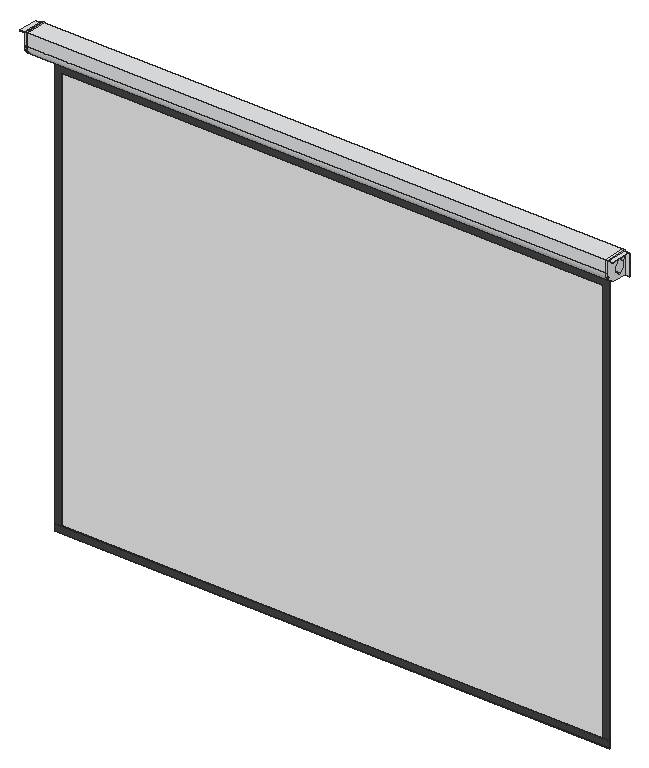
Revit family "Projection_Screen-Draper_Inc-Targa_XL", category Specialty Equipment, Revit 2026
Family settings
  Round Connector Dimension = Use Diameter
  Part Type = Normal
  Classification Number = 23.85.10.14.31
  Work Plane-Based = No
  Enable Cutting in Views = No
  Always vertical = Yes
  Cut with Voids When Loaded = No
  Maintain Annotation Orientation = No
  Shared = No
  Room Calculation Point = No
Parameters (values of type "NOT A TYPE - LOAD TYPE CATALOG")
  Width = 0' - 4 3/4"  # constant formula
  Voltage = 110 V
  Version = "2016 - v1.0.a"  # constant formula
  URL = "http://www.DraperInc.com"
  Screen Drop = 10' - 11"
  Screen = 14' - 4"
  Raised [instance] = not(Lowered)  # no
  Projection Screen Material = Fabric - Draper - CH1900E - Pearl White
  Product Page URL = "https://www.draperinc.com/projectionscreens/productdetail/285/targa"
  Product Name = "Targa XL Electric Projection Screen"  # constant formula
  Product Documentation Link = "https://www.draperinc.com/DocumentDownload.aspx?path=ProjectionScreens\\Submittals&file=Targa_In_Sub.pdf"
  Overall Size = "131\" x 172\""
  Number of Poles = 1
  Model = "Targa XL"  # constant formula
  Material = ""
  Manufacturer Contact = "1-800-238-7999"  # constant formula
  Manufacturer = "Draper Inc."  # constant formula
  Lowered [instance] = yes
  Length = 15' - 0 7/8"
  Image Length = 14' - 0"
  Image Height = 10' - 6"
  Image Area = "126\" x 168\""
  Image Length Constraint = if(Image Height = Screen Drop, Image Length - 0' 0 1/4", Image Length)  # 14' - 0"
  Image Height Constraint = if(Image Height = Screen Drop, Image Height - 0' 0 1/4", Image Height)  # 10' - 6"
  Frequency = 60 Hz
  Description = "Projection Screen"  # constant formula
  Depth = 0' - 6 3/4"  # constant formula
  Default Elevation = 0' - 0"
  Case Material = Paint - Draper - White
  C Border [instance] = if(Image Height = Screen Drop, Border, Lowered)  # yes
  Border = Image Height < Screen Drop  # yes
  Apparent Load = 132 VA
Reference planes (in)
  plane 1 "Center (Front/Back)": y = 0
  plane 2 "Bottom": z = 0
  plane 3 "Center (Left/Right)": x = 0
  plane 4 "Front": y = -6.75
  plane 5 "Left": x = -90.4375
  plane 6 "Right": x = 90.4375
  plane 7 "B/ Screen": z = -133
  plane 8: x = -89.75391
  plane 9: x = 89.75
  plane 10: z = -132.4775
  plane 11 "Left Screen": x = -86
  plane 12 "Right Screen": x = 86
  plane 13 "Top": z = 6.75
  plane 14: z = 1
  plane 15: z = -66.5
  plane 16: z = -131
Forms (in)
  Extrusion 1, solid, material "Paint - Draper - White" <- "Case Material"
    sketch origin (0, 0, 0) x (0, 1, 0) y (0, 0, 1)
      loop
        line (0, 6.75) -> (-6.75, 6.75) -> (-6.75, 3)
        arc (-6.75, 3) -> (-5.87132, 0.87868) -> (-3.75, 0) r 3
        line (-3.75, 0) -> (0, 0) -> (0, 6.75)
    from -90.36701 to 90.36701
  Extrusion 2, solid, material "Paint - Draper - White", visible <- "Raised"
    sketch origin (0, 0, 0) x (0, 1, 0) y (0, 0, 1)
      loop
        line (-0.33656, 0.95987) -> (-0.33656, 1.01754) -> (-0.55052, 1.01754) -> (-0.55052, 0.93262)
        arc (-0.55052, 0.93262) -> (-0.59991, 0.84973) -> (-0.69072, 0.81715) r 0.14286
        arc (-0.69072, 0.81715) -> (-0.71497, 0.8071) -> (-0.72501, 0.78286) r 0.03429
        line (-0.72501, 0.78286) -> (-0.72501, 0.03429)
        arc (-0.72501, 0.03429) -> (-0.71497, 0.01004) -> (-0.69072, 0) r 0.03429
        line (-0.69072, 0) -> (-0.18787, 0)
        arc (-0.18787, 0) -> (-0.16362, 0.01004) -> (-0.15358, 0.03429) r 0.03429
        line (-0.15358, 0.03429) -> (-0.15358, 0.52085) -> (-0.10162, 0.56817) -> (-0.10162, 0.64704) -> (-0.15354, 0.69436) -> (-0.15354, 0.7829)
        arc (-0.15354, 0.7829) -> (-0.16564, 0.80914) -> (-0.19348, 0.81688) r 0.03438
        arc (-0.19348, 0.81688) -> (-0.29465, 0.85873) -> (-0.33656, 0.95987) r 0.14299
    from -90.4375 to 90.4375
  Sweep 3, solid, material "Fabric - Draper - CH1900E - Pearl White" <- "Projection Screen Material", visible <- "Raised"
    path origin (0, 0, 0) x (0, 1, 0) y (0, 0, 1)
      loop
        line (-0.44354, 4.95) -> (-0.44354, 0.50283)
    profile origin (0, -0.44354, 0.50283) x (1, 0, 0) y (0, 1, 0)
      loop
        line (-86, 0.03125) -> (-86, -0.03125) -> (86, -0.03125) -> (86, 0.03125) -> (-86, 0.03125)
  Extrusion 4, solid, material "Paint - Draper - White" <- "Case Material"
    sketch origin (0, 0, 0) x (0, 1, 0) y (0, 0, 1)
      loop
        line (0, 0) -> (0, 6.75) -> (-6.75, 6.75) -> (-6.75, 3)
        arc (-6.75, 3) -> (-5.87132, 0.87868) -> (-3.75, 0) r 3
        line (-3.75, 0) -> (0, 0)
    from 89.75 to 90.4375
  Extrusion 5, solid, material "Paint - Draper - White" <- "Case Material"
    sketch origin (0, 0, 0) x (0, 1, 0) y (0, 0, 1)
      loop
        arc (-6.75, 3) -> (-5.87132, 0.87868) -> (-3.75, 0) r 3
        line (-3.75, 0) -> (0, 0) -> (0, 6.75) -> (-6.75, 6.75) -> (-6.75, 3)
    from -90.4375 to -89.75391
  Sweep 6, solid, material "Fabric - Draper - CH1900E - Pearl White" <- "Projection Screen Material", visible <- "Lowered"
    path origin (0, 0, 0) x (0, 1, 0) y (0, 0, 1)
      loop
        line (-0.44354, 4.875) -> (-0.44354, -132.4775)
    profile origin (0, -0.44354, -132.4775) x (1, 0, 0) y (0, 1, 0)
      loop
        line (-86, 0.03125) -> (-86, -0.03125) -> (86, -0.03125) -> (86, 0.03125) -> (-86, 0.03125)
  Extrusion 7, solid, material "Paint - Draper - White" <- "Case Material", detail levels fine
    sketch origin (0, 0, 0) x (0, 1, 0) y (0, 0, 1)
      loop
        line (-1.16902, 4.24391) -> (-2.17782, 5.25178)
        arc (-2.17782, 5.25178) -> (-2.36432, 5.32481) -> (-2.54458, 5.2375) r 0.25
        line (-2.54458, 5.2375) -> (-3.54018, 4.24391)
        arc (-3.54018, 4.24391) -> (-3.8546, 3.325) -> (-3.54018, 2.4061) r 1.5
        line (-3.54018, 2.4061) -> (-2.54458, 1.4125)
        arc (-2.54458, 1.4125) -> (-2.36432, 1.32519) -> (-2.17735, 1.39776) r 0.25
        line (-2.17735, 1.39776) -> (-1.16902, 2.4061)
        arc (-1.16902, 2.4061) -> (-0.8546, 3.325) -> (-1.16902, 4.24391) r 1.5
      loop
        circle (-1.0421, 4.9375) r 0.4375
    from 90.4375 to 90.5152
  Extrusion 8, solid, material "Fabric - Draper - Border - Black", visible <- "C Border"
    sketch origin (0, 0, 0) x (1, 0, 0) y (0, 0, 1)
      loop
        line (-84, -5) -> (-84, -131) -> (84, -131) -> (84, -5) -> (-84, -5)
      loop
        line (-86, -133) -> (86, -133) -> (86, 4.875) -> (-86, 4.875) -> (-86, -133)
    from 0.36632 to 0.51046
  Extrusion 9, solid, material "Paint - Draper - White" <- "Case Material"
    sketch origin (0, 0, 0) x (1, 0, 0) y (0, 0, 1)
      loop
        line (-90.4375, 6.25) -> (-91.875, 6.25) -> (-91.875, 0) -> (-90.4375, 0) -> (-90.4375, 6.25)
    from 0 to 0.125
  Extrusion 10, solid, material "Paint - Draper - White" <- "Case Material"
    sketch origin (101.75, 0, 0) x (1, 0, 0) y (0, 0, 1)
      loop
        line (-9.875, 6.25) -> (-11.3125, 6.25) -> (-11.3125, 0) -> (-9.875, 0) -> (-9.875, 6.25)
    from 0 to 0.125
  Extrusion 11, solid, material "Paint - Draper - White" <- "Case Material"
    sketch origin (0, 0, 0) x (1, 0, 0) y (0, 1, 0)
      loop
        line (-90.4375, -6.75) -> (-90.4375, -0.5) -> (-91.875, -0.5) -> (-91.875, -6.75) -> (-90.4375, -6.75)
    from 6.625 to 6.75
  Extrusion 12, solid, material "Paint - Draper - White" <- "Case Material"
    sketch origin (100.3125, 0, 0) x (1, 0, 0) y (0, 1, 0)
      loop
        line (-8.4375, -6.75) -> (-8.4375, -0.5) -> (-9.875, -0.5) -> (-9.875, -6.75) -> (-8.4375, -6.75)
    from 6.625 to 6.75
  Extrusion 13, solid, material "Fabric - Draper - Border - Black", visible <- "Lowered"
    sketch origin (0, 0, 0) x (1, 0, 0) y (0, 0, 1)
      loop
        line (86, -131) -> (-86, -131) -> (-86, -133) -> (86, -133) -> (86, -131)
    from 0.36632 to 0.51046
Lines and regions (in)
  Masking region 1
    outline origin (0, 0, 0) x (1, 0, 0) y (0, 1, 0)
      loop
        line (-89.75391, -0.0625) -> (-89.75391, -6.70327) -> (89.75, -6.70327) -> (89.75, -0.0625) -> (-89.75391, -0.0625)
  Masking region 2
    outline origin (0, 0, 0) x (1, 0, 0) y (0, 1, 0)
      loop
        line (90.4375, -6.75) -> (90.4375, 0) -> (89.75, 0) -> (89.75, -6.75) -> (90.4375, -6.75)
  Masking region 3
    outline origin (-98.4375, 0, 0) x (1, 0, 0) y (0, 1, 0)
      loop
        line (8.68359, -6.75) -> (8.68359, 0) -> (8, 0) -> (8, -6.75) -> (8.68359, -6.75)
  Masking region 4
    outline origin (0, 0, 0) x (1, 0, 0) y (0, 1, 0)
      loop
        line (-91.875, -6.75) -> (-90.4375, -6.75) -> (-90.4375, -0.5) -> (-91.875, -0.5) -> (-91.875, -6.75)
  Masking region 5
    outline origin (0, 0, 0) x (1, 0, 0) y (0, 1, 0)
      loop
        line (90.4375, -6.75) -> (91.875, -6.75) -> (91.875, -0.5) -> (90.4375, -0.5) -> (90.4375, -6.75)
  symbolic lines, detail levels medium+fine
    curve 1: line (-90.36701, -0.0625, 0) -> (-89.75391, -0.06375, 0)
    curve 2: line (-90.36701, -0.0625, 0) -> (-90.36701, -4.25871, 0)
    curve 3: line (-90.36701, -4.25871, 0) -> (-89.75391, -4.25871, 0)
    curve 4: line (90.36701, -0.06265, 0) -> (89.75, -0.06265, 0)
    curve 5: line (90.36701, -0.06265, 0) -> (90.36701, -4.25871, 0)
    curve 6: line (90.36701, -4.25871, 0) -> (89.75, -4.25871, 0)
  symbolic lines, detail levels fine
    curve 7: circle (-90.19169, 0, 6.11249) r 0.0625 normal (0, -1, 0)
    curve 8: circle (90.19169, 0, 6.11249) r 0.0625 normal (0, 1, 0)
Dimensions and locks (in)
  plane 1 "Center (Front/Back)" to plane 4 "Front" = 0' - 6 3/4"
  locked: plane 5 "Left" to plane 8 at 0.68359
  locked: plane 9 to plane 6 "Right" at 0.6875
  locked: plane 10 to plane 7 "B/ Screen" at 0.5225
  "Depth": plane 1 "Center (Front/Back)" to plane 4 "Front"
  "Screen Drop": plane 16 to level
  equal spacing: plane 5 "Left", plane 3 "Center (Left/Right)", plane 6 "Right"
  "Length": plane 5 "Left" to plane 6 "Right"
  Sweep 3 sketch curve to profile plane to Sweep 3 sketch curve = 0' - 0 1/32" locked, 0' - 0 1/32" locked
  plane 2 "Bottom" to Sweep 3 sketch curve to Sweep 3 sketch curve = 0' - 0.50283" locked, 0' - 4.44717" locked
  locked: plane 1 "Center (Front/Back)" to Sweep 3 sketch curve at 0.44354
  plane 13 "Top" to plane 2 "Bottom" = 0' - 6 3/4"
  locked: Masking region 1 sketch curve to plane 1 "Center (Front/Back)" at 0.0625
  locked: Masking region 1 sketch curve to plane 4 "Front" at 0.04673
  locked: plane 5 "Left" to Extrusion 1 at 0.07049
  locked: Extrusion 1 to plane 6 "Right" at 0.07049
  locked: plane 13 "Top" to curve 7 at 0.63751
  locked: plane 5 "Left" to curve 7 at 0.24581
  locked: curve 8 to plane 6 "Right" at 0.24581
  locked: plane 13 "Top" to curve 8 at 0.63751
  locked: plane 1 "Center (Front/Back)" to Extrusion 2 sketch curve at 0.72501
  locked: plane 1 "Center (Front/Back)" to Extrusion 2 sketch curve at 0.15358
  plane 1 "Center (Front/Back)" to Extrusion 2 sketch curve to Extrusion 2 sketch curve to Extrusion 2 sketch curve to Extrusion 2 sketch curve to Extrusion 2 sketch curve to Extrusion 2 sketch curve = 0' - 0.10162" locked, 0' - 0.05191" locked, 0' - 0.03994" locked, 0' - 0.14308" locked, 0' - 0.21395" locked, 0' - 0.14021" locked
  Extrusion 2 sketch curve to Extrusion 2 sketch curve to Extrusion 2 sketch curve to Extrusion 2 sketch curve to Extrusion 2 sketch curve to Extrusion 2 sketch curve to Extrusion 2 sketch curve to plane 2 "Bottom" = 0' - 0.05767" locked, 0' - 0.14299" locked, 0' - 0.12251" locked, 0' - 0.04732" locked, 0' - 0.07887" locked, 0' - 0.04732" locked, 0' - 0.52085" locked
  Extrusion 2 sketch curve to Extrusion 2 sketch curve to Extrusion 2 sketch curve to Extrusion 2 sketch curve to Extrusion 2 sketch curve = 0' - 0.08493" locked, 0' - 0.11547" locked, 0' - 0.03429" locked, 0' - 0.74857" locked
  locked: plane 14 to plane 2 "Bottom" at 1
  Sweep 6 sketch curve to profile plane to Sweep 6 sketch curve = 0' - 0 1/32" locked, 0' - 0 1/32" locked
  locked: plane 13 "Top" to Sweep 6 sketch curve at 1.875
  locked: plane 6 "Right" to Extrusion 7 at 0.0777
  plane 13 "Top" to Extrusion 7 to Extrusion 7 = 0' - 1.425", 0' - 4"
  plane 1 "Center (Front/Back)" to Extrusion 7 to Extrusion 7 = 0' - 0.8546" locked, 0' - 3" locked
  plane 1 "Center (Front/Back)" to Extrusion 7 sketch curve to Extrusion 7 sketch curve to Extrusion 7 sketch curve to Extrusion 7 sketch curve = 0' - 1.16902" locked, 0' - 1.00834" locked, 0' - 0.36723" locked, 0' - 0.9956" locked  (x2)
  locked: plane 1 "Center (Front/Back)" to Extrusion 7 sketch curve at 1.0421
  locked: plane 13 "Top" to Extrusion 7 sketch curve at 1.8125
  locked: plane 1 "Center (Front/Back)" to Sweep 6 sketch curve at 0.44354
  equal spacing: plane 2 "Bottom", plane 15, plane 7 "B/ Screen"
  equal spacing: Extrusion 8 sketch curve, plane 3 "Center (Left/Right)", Extrusion 8 sketch curve
  "Image Height Constraint": Extrusion 8 sketch curve to Extrusion 8 sketch curve
  "Image Length Constraint": Extrusion 8 sketch curve to Extrusion 8 sketch curve
  locked: Extrusion 8 to Sweep 6 at 0.04597
  locked: Sweep 6 to Extrusion 8 at 0.03567
  locked: Extrusion 5 sketch curve to plane 2 "Bottom" at 3
  locked: Extrusion 5 sketch curve to plane 4 "Front" at 3
  locked: Extrusion 1 sketch curve to plane 2 "Bottom" at 3
  locked: Extrusion 1 sketch curve to plane 4 "Front" at 3
  locked: Extrusion 4 sketch curve to plane 2 "Bottom" at 3
  locked: Extrusion 4 sketch curve to plane 4 "Front" at 3
  locked: plane 13 "Top" to Extrusion 9 sketch curve at 0.5
  Extrusion 9 sketch curve to plane 5 "Left" = 0' - 1 7/16"
  locked: plane 1 "Center (Front/Back)" to Extrusion 9 at 0.125
  locked: plane 6 "Right" to Extrusion 10 sketch curve at 1.4375
  locked: plane 13 "Top" to Extrusion 10 sketch curve at 0.5
  locked: plane 1 "Center (Front/Back)" to Extrusion 10 at 0.125
  locked: Extrusion 11 sketch curve to plane 1 "Center (Front/Back)" at 0.5
  locked: Extrusion 11 sketch curve to plane 5 "Left" at 1.4375
  locked: plane 13 "Top" to Extrusion 11 at 0.125
  locked: plane 6 "Right" to Extrusion 12 sketch curve at 1.4375
  locked: Extrusion 12 sketch curve to plane 1 "Center (Front/Back)" at 0.5
  locked: plane 13 "Top" to Extrusion 12 at 0.125
  locked: Masking region 4 sketch curve to plane 5 "Left" at 1.4375
  locked: Masking region 4 sketch curve to plane 1 "Center (Front/Back)" at 0.5
  locked: Masking region 5 sketch curve to plane 1 "Center (Front/Back)" at 0.5
  locked: plane 6 "Right" to Masking region 5 sketch curve at 1.4375
  locked: Extrusion 8 sketch curve to plane 7 "B/ Screen" at 2
  locked: plane 13 "Top" to Extrusion 8 sketch curve at 1.875
  locked: Extrusion 13 sketch curve to plane 7 "B/ Screen" at 2
  equal spacing: plane 11 "Left Screen", plane 3 "Center (Left/Right)", plane 12 "Right Screen"
  "Screen": plane 11 "Left Screen" to plane 12 "Right Screen"
  locked: plane 16 to plane 7 "B/ Screen" at 2
  aligned and locked: level to plane 2 "Bottom"
  aligned and locked: Extrusion 4 to plane 6 "Right"
  aligned and locked: plane 9 to Extrusion 4
  aligned and locked: Extrusion 2 to plane 6 "Right"
  aligned and locked: plane 5 "Left" to Extrusion 2
  aligned and locked: Sweep 3 sketch curve to plane 11 "Left Screen"
  aligned and locked: plane 12 "Right Screen" to Sweep 3 sketch curve
  aligned and locked: plane 5 "Left" to Extrusion 5
  aligned and locked: Extrusion 5 to plane 8
  aligned and locked: plane 9 to Masking region 1 sketch curve
  aligned and locked: Masking region 1 sketch curve to plane 8
  aligned and locked: Masking region 2 sketch curve to Extrusion 4  (x2)
  aligned and locked: Masking region 2 sketch curve to plane 4 "Front"
  aligned and locked: Masking region 3 sketch curve to plane 1 "Center (Front/Back)"
  aligned and locked: plane 8 to Masking region 3 sketch curve
  aligned and locked: Masking region 3 sketch curve to plane 5 "Left"
  aligned and locked: plane 4 "Front" to Masking region 3 sketch curve
  aligned and locked: plane 8 to curve 3
  aligned and locked: plane 8 to curve 1
  aligned and locked: plane 9 to curve 4
  aligned and locked: plane 9 to curve 6
  aligned and locked: plane 13 "Top" to Extrusion 5
  aligned and locked: Extrusion 4 to plane 13 "Top"
  aligned and locked: plane 6 "Right" to Extrusion 7
  aligned and locked: plane 2 "Bottom" to Extrusion 5 sketch curve
  aligned and locked: level to Extrusion 4 sketch curve
  aligned and locked: plane 1 "Center (Front/Back)" to Extrusion 1 sketch curve
  aligned and locked: plane 13 "Top" to Extrusion 1 sketch curve
  aligned and locked: plane 2 "Bottom" to Extrusion 1 sketch curve
  aligned and locked: plane 4 "Front" to Extrusion 1 sketch curve
  aligned and locked: Sweep 6 sketch curve to plane 11 "Left Screen"
  aligned and locked: plane 12 "Right Screen" to Sweep 6 sketch curve
  aligned and locked: Extrusion 9 sketch curve to plane 2 "Bottom"
  aligned and locked: Extrusion 9 sketch curve to plane 5 "Left"
  aligned and locked: plane 6 "Right" to Extrusion 10
  aligned and locked: plane 5 "Left" to Extrusion 11 sketch curve
  aligned and locked: plane 4 "Front" to Extrusion 11 sketch curve
  aligned and locked: plane 13 "Top" to Extrusion 11
  aligned and locked: Extrusion 12 sketch curve to plane 6 "Right"
  aligned and locked: Extrusion 12 sketch curve to plane 4 "Front"
  aligned and locked: Masking region 4 sketch curve to plane 5 "Left"
  aligned and locked: Masking region 4 sketch curve to plane 4 "Front"
  aligned and locked: plane 4 "Front" to Masking region 5 sketch curve
  aligned and locked: plane 6 "Right" to Masking region 5 sketch curve
  aligned and locked: plane 10 to Sweep 6 sketch curve
  aligned and locked: Extrusion 8 sketch curve to plane 7 "B/ Screen"
  aligned and locked: Extrusion 8 sketch curve to plane 12 "Right Screen"
  aligned and locked: Extrusion 8 sketch curve to plane 11 "Left Screen"
  aligned and locked: Extrusion 13 sketch curve to plane 7 "B/ Screen"
Automatic sketch dimensions
  curve 1 to plane 5 "Left" = 0' - 0.07049"
  plane 6 "Right" to curve 5 = 0' - 0.07049"
  plane 4 "Front" to curve 6 = 0' - 2.49129"
  plane 4 "Front" to curve 3 = 0' - 2.49129"
  plane 1 "Center (Front/Back)" to curve 1 = 0' - 0.06375"
  plane 1 "Center (Front/Back)" to curve 5 = 0' - 0.06265"
  plane 1 "Center (Front/Back)" to curve 1 = 0' - 0 1/16"
  Extrusion 2 sketch curve to level = 0' - 0"
  Extrusion 2 sketch curve to plane 14 = 0' - 0.04"
  Extrusion 2 sketch curve to Extrusion 2 sketch curve = 0' - 0.00556"
  Extrusion 2 sketch curve to Extrusion 2 sketch curve = 0' - 0.03429"
  Extrusion 2 sketch curve to Extrusion 2 sketch curve = 0' - 0.03397"
  Extrusion 4 sketch curve to plane 1 "Center (Front/Back)" = 0' - 0"
  Extrusion 4 sketch curve to plane 13 "Top" = 0' - 0"
  Extrusion 5 sketch curve to plane 1 "Center (Front/Back)" = 0' - 0"
  Extrusion 5 sketch curve to plane 13 "Top" = 0' - 0"
  plane 1 "Center (Front/Back)" to Masking region 2 sketch curve = 0' - 0"
  Extrusion 7 sketch curve to Extrusion 7 sketch curve = 0' - 0"  (x3)
  Extrusion 7 sketch curve to Extrusion 7 sketch curve = 0' - 0.18998"  (x2)
  Extrusion 7 sketch curve to Extrusion 7 sketch curve = 0' - 1.18558"
  Extrusion 7 sketch curve to Extrusion 7 sketch curve = 0' - 0.00047"  (x4)
  Extrusion 7 sketch curve to Extrusion 7 sketch curve = 0' - 0.69359"
  Extrusion 7 sketch curve to Extrusion 7 sketch curve = 0' - 0.91891"
  plane 14 to Extrusion 7 sketch curve = 0' - 0.575"
  Extrusion 7 sketch curve to Extrusion 7 sketch curve = 0' - 0.1625"  (x2)
  Extrusion 7 sketch curve to Extrusion 7 sketch curve = 0' - 0.1375"
  plane 6 "Right" to Extrusion 10 sketch curve = 0' - 0"
  Extrusion 10 sketch curve to level = 0' - 0"
  plane 11 "Left Screen" to Extrusion 13 sketch curve = 0' - 0"
  plane 12 "Right Screen" to Extrusion 13 sketch curve = 0' - 0"
  radius of curve 7 = 0' - 0 1/16"
  radius of curve 8 = 0' - 0 1/16"
  radius of Extrusion 7 sketch curve = 0' - 0 7/16"
Connectors (in)
  electrical at (90.5152, -1.0421, 4.9375), driven by "Number of Poles", driven by "Voltage", driven by "Apparent Load"
    settings: on Extrusion 7, index 1, voltage 110 V, apparent load 0 VA, apparent load phase1 132 VA, apparent load phase2 0 VA, apparent load phase3 0 VA, power factor 1, load classification "Other", number of poles 1, system type 31, power factor state 1, is connector primary yes, connector utility no, sub classification motor no, connector description "Power"
